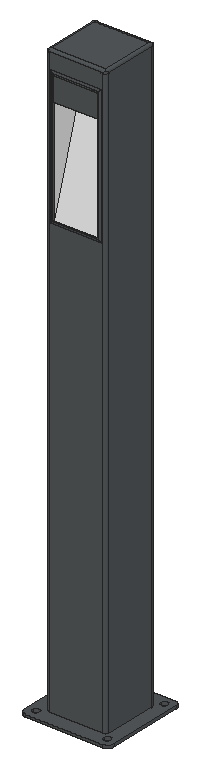
Revit family "svetilnik_alfresco_ar deko_dtu19", category Lighting Fixtures, Revit 2016 (continued)
Definition of nested family "Источник света Ар_Деко"
  Parameters (values of type "4")
       0.2       0.2       0.2       0.2\r\n       0.2       0.2       0.2       0.2       0.2       0.2       0.2       0.3\r\n       0.2       0.2       0.2       0.2       0.2       0.2       0.2       0.2\r\n       0.2       0.2       0.2       0.2       0.2       0.2       0.2       0.2\r\n       0.2       0.2       0.2       0.2       0.2       0.2       0.2       0.2\r\n       0.2       0.2       0.2       0.2       0.2       0.2       0.2       0.2\r\n       0.2       0.2       0.2       0.2       0.2       0.2       0.2       0.2\r\n       0.2       0.2       0.2       0.2       0.2       0.2       0.2       0.2\r\n       0.2       0.2       0.2       0.2       0.2       0.2       0.2       0.2\r\n       0.2       0.2       0.2       0.2       0.2       0.2       0.2       0.2\r\n       0.2       0.2       0.2       0.2       0.2       0.2       0.2       0.2\r\n       0.2       0.2       0.2       0.2       0.2       0.2       0.2       0.2\r\n       0.2       0.2       0.2       0.2       0.2       0.2       0.2       0.2\r\n       0.2       0.2       0.2       0.2       0.2       0.2       0.2       0.2\r\n       0.2       0.2       0.2       0.2       0.2       0.2       0.2       0.2\r\n       0.2       0.2       0.2       0.2       0.2       0.2       0.2       0.2\r\n       0.2       0.2       0.2       0.2       0.2       0.2       0.2       0.2\r\n       0.2       0.2       0.2       0.2       0.2       0.2       0.2       0.2\r\n       0.2       0.2       0.2       0.2       0.2       0.2       0.2       0.2\r\n       0.2       0.2       0.1       0.1       0.1       0.1       0.1       0.1\r\n       0.0       0.0       0.0       0.0       0.0\r\n       0.0       0.0       0.0       0.0       0.0       0.0       0.0       0.1\r\n       0.2       0.2       0.2       0.2       0.2       0.2       0.2       0.2\r\n       0.2       0.2       0.2       0.2       0.2       0.2       0.2       0.2\r\n       0.2       0.2       0.2       0.2       0.2       0.2       0.2       0.2\r\n       0.2       0.2       0.2       0.2       0.2       0.2       0.2       0.2\r\n       0.2       0.2       0.2       0.2       0.2       0.2       0.2       0.2\r\n       0.2       0.2       0.2       0.2       0.2       0.2       0.2       0.2\r\n       0.2       0.2       0.2       0.2       0.2       0.2       0.2       0.2\r\n       0.2       0.2       0.2       0.2       0.2       0.2       0.2       0.2\r\n       0.2       0.2       0.2       0.2       0.2       0.2       0.2       0.2\r\n       0.2       0.2       0.2       0.2       0.2       0.2       0.2       0.2\r\n       0.2       0.2       0.2       0.2       0.2       0.2       0.2       0.2\r\n       0.2       0.2       0.2       0.2       0.2       0.2       0.2       0.2\r\n       0.2       0.2       0.2       0.2       0.2       0.2       0.2       0.2\r\n       0.2       0.2       0.2       0.2       0.2       0.2       0.2       0.2\r\n       0.2       0.2       0.2       0.2       0.2       0.2       0.2       0.2\r\n       0.2       0.2       0.2       0.2       0.2       0.2       0.2       0.2\r\n       0.2       0.2       0.2       0.2       0.2       0.2       0.2       0.2\r\n       0.2       0.2       0.2       0.2       0.2       0.2       0.2       0.2\r\n       0.2       0.2       0.2       0.2       0.2       0.2       0.2       0.2\r\n       0.2       0.2       0.2       0.2       0.2       0.2       0.2       0.2\r\n       0.2       0.2       0.1       0.1       0.1       0.1       0.1       0.0\r\n       0.0       0.0       0.0       0.0       0.0\r\n       0.0       0.0       0.0       0.0       0.0       0.0       0.0       0.0\r\n       0.1       0.2       0.2       0.2       0.2       0.2       0.2       0.2\r\n       0.2       0.2       0.2       0.2       0.2       0.2       0.2       0.2\r\n       0.2       0.2       0.2       0.2       0.2       0.2       0.2       0.2\r\n       0.2       0.2       0.2       0.2       0.2       0.2       0.2       0.2\r\n       0.2       0.2       0.2       0.2       0.2       0.2       0.2       0.2\r\n       0.2       0.2       0.2       0.2       0.2       0.2       0.2       0.2\r\n       0.2       0.2       0.2       0.2       0.2       0.2       0.2       0.2\r\n       0.2       0.2       0.2       0.2       0.2       0.2       0.2       0.2\r\n       0.2       0.2       0.2       0.2       0.2       0.2       0.2       0.2\r\n       0.2       0.2       0.2       0.2       0.2       0.2       0.2       0.2\r\n       0.2       0.2       0.2       0.2       0.2       0.2       0.2       0.2\r\n       0.2       0.2       0.2       0.2       0.2       0.2       0.2       0.2\r\n       0.2       0.2       0.2       0.2       0.2       0.2       0.2       0.2\r\n       0.2       0.2       0.2       0.2       0.2       0.2       0.2       0.2\r\n       0.2       0.2       0.2       0.2       0.2       0.2       0.2       0.2\r\n       0.2       0.2       0.2       0.2       0.2       0.2       0.2       0.2\r\n       0.2       0.2       0.2       0.2       0.2       0.2       0.2       0.2\r\n       0.2       0.2       0.2       0.2       0.2       0.2       0.2       0.2\r\n       0.2       0.2       0.2       0.2       0.2       0.2       0.2       0.2\r\n       0.2       0.2       0.2       0.2       0.2       0.2       0.2       0.2\r\n       0.2       0.2       0.1       0.1       0.1       0.1       0.0       0.0\r\n       0.0       0.0       0.0       0.0       0.0\r\n       0.0       0.0       0.0       0.0       0.0       0.0       0.0       0.0\r\n       0.1       0.1       0.1       0.2       0.2       0.2       0.2       0.2\r\n       0.2       0.2       0.2       0.2       0.2       0.2       0.2       0.2\r\n       0.2       0.2       0.2       0.2       0.2       0.2       0.2       0.2\r\n       0.2       0.2       0.2       0.2       0.2       0.2       0.2       0.2\r\n       0.2       0.2       0.2       0.2       0.2       0.2       0.2       0.2\r\n       0.2       0.2       0.2       0.2       0.2       0.2       0.2       0.2\r\n       0.2       0.2       0.2       0.2       0.2       0.2       0.2       0.2\r\n       0.2       0.2       0.2       0.2       0.2       0.2       0.2       0.2\r\n       0.2       0.2       0.2       0.2       0.2       0.2       0.2       0.2\r\n       0.2       0.2       0.2       0.2       0.2       0.2       0.2       0.2\r\n       0.2       0.2       0.2       0.2       0.2       0.2       0.2       0.2\r\n       0.2       0.2       0.2       0.2       0.2       0.2       0.2       0.2\r\n       0.2       0.2       0.2       0.2       0.2       0.2       0.2       0.2\r\n       0.2       0.2       0.2       0.2       0.2       0.2       0.2       0.2\r\n       0.2       0.2       0.2       0.2       0.2       0.2       0.2       0.2\r\n       0.2       0.2       0.2       0.2       0.2       0.2       0.2       0.2\r\n       0.2       0.2       0.2       0.2       0.2       0.2       0.2       0.2\r\n       0.2       0.2       0.2       0.2       0.2       0.2       0.2       0.2\r\n       0.2       0.2       0.2       0.2       0.2       0.2       0.2       0.2\r\n       0.2       0.2       0.2       0.2       0.2       0.2       0.2       0.2\r\n       0.2       0.2       0.1       0.1       0.1       0.0       0.0       0.0\r\n       0.0       0.0       0.0       0.0       0.0\r\n       0.0       0.0       0.0       0.0       0.0       0.0       0.0       0.0\r\n       0.1       0.1       0.1       0.1       0.2       0.2       0.2       0.2\r\n       0.2       0.2       0.2       0.2       0.2       0.2       0.2       0.2\r\n       0.2       0.2       0.2       0.2       0.2       0.2       0.2       0.2\r\n       0.2       0.2       0.2       0.2       0.2       0.2       0.2       0.2\r\n       0.2       0.2       0.2       0.2       0.2       0.2       0.2       0.2\r\n       0.2       0.2       0.2       0.2       0.2       0.2       0.2       0.2\r\n       0.2       0.2       0.2       0.2       0.2       0.2       0.2       0.2\r\n       0.2       0.2       0.2       0.2       0.2       0.2       0.2       0.2\r\n       0.2       0.2       0.2       0.2       0.2       0.2       0.2       0.2\r\n       0.2       0.2       0.2       0.2       0.2       0.2       0.2       0.2\r\n       0.2       0.2       0.2       0.2       0.2       0.2       0.2       0.2\r\n       0.2       0.2       0.2       0.2       0.2       0.2       0.2       0.2\r\n       0.2       0.2       0.2       0.2       0.2       0.2       0.2       0.2\r\n       0.2       0.2       0.2       0.2       0.2       0.2       0.2       0.2\r\n       0.2       0.2       0.2       0.2       0.2       0.2       0.2       0.2\r\n       0.2       0.2       0.2       0.2       0.2       0.2       0.2       0.2\r\n       0.2       0.2       0.2       0.2       0.2       0.2       0.2       0.2\r\n       0.2       0.2       0.2       0.2       0.2       0.2       0.2       0.2\r\n       0.2       0.2       0.2       0.2       0.2       0.2       0.2       0.2\r\n       0.2       0.2       0.2       0.2       0.2       0.2       0.2       0.2\r\n       0.2       0.2       0.1       0.1       0.1       0.0       0.0       0.0\r\n       0.0       0.0       0.0       0.0       0.0\r\n       0.0       0.0       0.0       0.0       0.0       0.0       0.0       0.0\r\n       0.1       0.1       0.1       0.1       0.1       0.2       0.2       0.2\r\n       0.2       0.2       0.2       0.2       0.2       0.2       0.2       0.2\r\n       0.2       0.2       0.2       0.2       0.2       0.2       0.2       0.2\r\n       0.2       0.2       0.2       0.2       0.2       0.2       0.2       0.2\r\n       0.2       0.2       0.2       0.2       0.2       0.2       0.2       0.2\r\n       0.2       0.2       0.2       0.2       0.2       0.2       0.2       0.2\r\n       0.2       0.2       0.2       0.2       0.2       0.2       0.2       0.2\r\n       0.2       0.2       0.2       0.2       0.2       0.2       0.2       0.2\r\n       0.2       0.2       0.2       0.2       0.2       0.2       0.2       0.2\r\n       0.2       0.2       0.2       0.2       0.2       0.2       0.2       0.2\r\n       0.2       0.2       0.2       0.2       0.2       0.2       0.2       0.2\r\n       0.2       0.2       0.2       0.2       0.2       0.2       0.2       0.2\r\n       0.2       0.2       0.2       0.2       0.2       0.2       0.2       0.2\r\n       0.2       0.2       0.2       0.2       0.2       0.2       0.2       0.2\r\n       0.2       0.2       0.2       0.2       0.3       0.5       0.2       0.2\r\n       0.2       0.2       0.2       0.2       0.2       0.2       0.2       0.2\r\n       0.2       0.2       0.2       0.2       0.2       0.2       0.2       0.2\r\n       0.2       0.2       0.2       0.2       0.2       0.2       0.2       0.2\r\n       0.2       0.2       0.2       0.2       0.2       0.2       0.2       0.2\r\n       0.2       0.2       0.2       0.2       0.2       0.2       0.2       0.2\r\n       0.2       0.2       0.1       0.1       0.1       0.0       0.0       0.0\r\n       0.0       0.0       0.0       0.0       0.0\r\n       0.0       0.0       0.0       0.0       0.0       0.0       0.0       0.0\r\n       0.1       0.1       0.1       0.1       0.1       0.1       0.2       0.2\r\n       0.1       0.2       0.2       0.1       0.1       0.1       0.2       0.2\r\n       0.2       0.2       0.2       0.2       0.2       0.2       0.2       0.2\r\n       0.2       0.2       0.2       0.2       0.2       0.2       0.2       0.2\r\n       0.2       0.2       0.2       0.2       0.2       0.2       0.2       0.2\r\n       0.2       0.2       0.2       0.2       0.2       0.2       0.2       0.2\r\n       0.2       0.2       0.2       0.2       0.2       0.2       0.2       0.2\r\n       0.2       0.2       0.2       0.2       0.2       0.2       0.2       0.2\r\n       0.2       0.2       0.2       0.2       0.2       0.2       0.2       0.2\r\n       0.2       0.2       0.2       0.2       0.2       0.2       0.2       0.2\r\n       0.2       0.2       0.2       0.2       0.2       0.2       0.2       0.2\r\n       0.2       0.2       0.2       0.2       0.2       0.2       0.2       0.2\r\n       0.2       0.2       0.2       0.2       0.2       0.2       0.2       0.2\r\n       0.2       0.2       0.2       0.2       0.2       0.2       0.2       0.2\r\n       0.2       0.2       0.2       0.2       0.3       0.2       0.2       0.2\r\n       0.2       0.2       0.2       0.2       0.2       0.2       0.2       0.2\r\n       0.2       0.2       0.2       0.2       0.2       0.2       0.2       0.2\r\n       0.2       0.2       0.2       0.2       0.2       0.2       0.2       0.2\r\n       0.2       0.2       0.2       0.2       0.2       0.2       0.2       0.2\r\n       0.2       0.2       0.2       0.2       0.2       0.2       0.2       0.2\r\n       0.2       0.1       0.1       0.1       0.0       0.0       0.0       0.0\r\n       0.0       0.0       0.0       0.0       0.0\r\n       0.0       0.0       0.0       0.0       0.0       0.0       0.0       0.0\r\n       0.1       0.1       0.1       0.1       0.1       0.1       0.1       0.1\r\n       0.1       0.1       0.1       0.2       0.1       0.1       0.2       0.1\r\n       0.2       0.2       0.2       0.2       0.2       0.2       0.2       0.2\r\n       0.2       0.2       0.2       0.2       0.2       0.2       0.2       0.2\r\n       0.2       0.2       0.2       0.2       0.2       0.2       0.2       0.2\r\n       0.2       0.2       0.2       0.2       0.2       0.2       0.2       0.2\r\n       0.2       0.2       0.2       0.2       0.2       0.2       0.2       0.2\r\n       0.2       0.2       0.2       0.2       0.2       0.2       0.2       0.2\r\n       0.2       0.2       0.2       0.2       0.2       0.2       0.2       0.2\r\n       0.2       0.2       0.2       0.2       0.2       0.2       0.2       0.2\r\n       0.2       0.2       0.2       0.2       0.2       0.2       0.2       0.2\r\n       0.2       0.2       0.2       0.2       0.2       0.2       0.2       0.2\r\n       0.2       0.2       0.2       0.2       0.2       0.2       0.2       0.2\r\n       0.2       0.2       0.2       0.2       0.2       0.2       0.2       0.2\r\n       0.2       0.2       0.2       0.2       0.2       0.2       0.2       0.2\r\n       0.2       0.2       0.2       0.2       0.2       0.2       0.2       0.2\r\n       0.2       0.2       0.2       0.2       0.2       0.2       0.2       0.2\r\n       0.2       0.2       0.2       0.2       0.2       0.2       0.2       0.2\r\n       0.2       0.2       0.2       0.2       0.2       0.2       0.2       0.2\r\n       0.2       0.2       0.2       0.2       0.2       0.2       0.1       0.1\r\n       0.1       0.1       0.1       0.1       0.0       0.0       0.0       0.0\r\n       0.0       0.0       0.0       0.0       0.0\r\n       0.0       0.0       0.0       0.0       0.0       0.0       0.0       0.0\r\n       0.1       0.1       0.1       0.1       0.1       0.1       0.1       0.1\r\n       0.1       0.1       0.1       0.1       0.1       0.1       0.2       0.2\r\n       0.1       0.2       0.2       0.2       0.2       0.2       0.2       0.2\r\n       0.2       0.2       0.2       0.2       0.2       0.2       0.2       0.2\r\n       0.2       0.2       0.2       0.2       0.2       0.2       0.2       0.2\r\n       0.2       0.2       0.2       0.2       0.2       0.2       0.2       0.2\r\n       0.2       0.2       0.2       0.2       0.2       0.2       0.2       0.2\r\n       0.2       0.2       0.2       0.2       0.2       0.2       0.2       0.2\r\n       0.2       0.2       0.2       0.2       0.2       0.2       0.2       0.2\r\n       0.2       0.2       0.2       0.2       0.2       0.2       0.2       0.2\r\n       0.2       0.2       0.2       0.2       0.2       0.2       0.2       0.2\r\n       0.2       0.2       0.2       0.2       0.2       0.2       0.2       0.2\r\n       0.2       0.2       0.2       0.2       0.2       0.2       0.2       0.2\r\n       0.2       0.2       0.2       0.2       0.2       0.2       0.2       0.2\r\n       0.2       0.2       0.2       0.2       0.2       0.2       0.2       0.2\r\n       0.2       0.2       0.2       0.2       0.2
             0.2       0.2       0.2\r\n       0.2       0.2       0.2       0.2       0.2       0.2       0.2       0.2\r\n       0.2       0.2       0.2       0.2       0.2       0.2       0.2       0.2\r\n       0.2       0.2       0.2       0.2       0.2       0.2       0.2       0.2\r\n       0.2       0.2       0.2       0.1       0.1       0.1       0.1       0.1\r\n       0.1       0.1       0.1       0.1       0.0       0.0       0.0       0.0\r\n       0.0       0.0       0.0       0.0       0.0\r\n       0.0       0.0       0.0       0.0       0.0       0.0       0.0       0.0\r\n       0.1       0.1       0.1       0.1       0.1       0.1       0.1       0.1\r\n       0.1       0.1       0.1       0.1       0.1       0.1       0.1       0.1\r\n       0.1       0.2       0.2       0.2       0.2       0.2       0.2       0.2\r\n       0.1       0.2       0.2       0.2       0.2       0.1       0.2       0.1\r\n       0.2       0.2       0.2       0.2       0.2       0.2       0.2       0.2\r\n       0.2       0.2       0.2       0.2       0.2       0.2       0.2       0.2\r\n       0.2       0.2       0.2       0.2       0.2       0.2       0.2       0.2\r\n       0.2       0.2       0.2       0.2       0.2       0.2       0.2       0.2\r\n       0.2       0.2       0.2       0.2       0.2       0.2       0.2       0.2\r\n       0.2       0.2       0.2       0.2       0.2       0.2       0.2       0.2\r\n       0.2       0.2       0.2       0.2       0.2       0.2       0.2       0.2\r\n       0.2       0.2       0.2       0.2       0.2       0.2       0.2       0.2\r\n       0.2       0.2       0.2       0.2       0.2       0.2       0.2       0.2\r\n       0.2       0.2       0.2       0.2       0.2       0.2       0.2       0.2\r\n       0.2       0.2       0.2       0.2       0.2       0.2       0.2       0.2\r\n       0.2       0.2       0.2       0.2       0.2       0.2       0.2       0.1\r\n       0.2       0.2       0.2       0.1       0.2       0.2       0.2       0.2\r\n       0.2       0.2       0.2       0.2       0.2       0.2       0.2       0.2\r\n       0.2       0.2       0.2       0.2       0.2       0.2       0.2       0.1\r\n       0.1       0.1       0.1       0.1       0.1       0.1       0.1       0.1\r\n       0.1       0.1       0.1       0.0       0.0       0.0       0.0       0.0\r\n       0.0       0.0       0.0       0.0       0.0\r\n       0.0       0.0       0.0       0.0       0.0       0.0       0.0       0.0\r\n       0.1       0.1       0.1       0.1       0.1       0.1       0.1       0.1\r\n       0.1       0.1       0.1       0.1       0.1       0.1       0.1       0.1\r\n       0.1       0.1       0.1       0.1       0.1       0.1       0.1       0.1\r\n       0.1       0.1       0.2       0.1       0.2       0.2       0.2       0.1\r\n       0.2       0.2       0.2       0.2       0.2       0.2       0.2       0.2\r\n       0.2       0.2       0.2       0.2       0.2       0.2       0.2       0.2\r\n       0.2       0.2       0.2       0.2       0.2       0.2       0.2       0.2\r\n       0.2       0.2       0.2       0.2       0.2       0.2       0.2       0.2\r\n       0.2       0.2       0.2       0.2       0.2       0.2       0.2       0.2\r\n       0.2       0.2       0.2       0.2       0.2       0.2       0.2       0.2\r\n       0.2       0.2       0.2       0.2       0.2       0.2       0.2       0.2\r\n       0.2       0.2       0.2       0.2       0.2       0.2       0.2       0.2\r\n       0.2       0.2       0.2       0.2       0.2       0.2       0.2       0.2\r\n       0.2       0.2       0.2       0.2       0.2       0.2       0.2       0.2\r\n       0.2       0.2       0.2       0.2       0.2       0.2       0.2       0.2\r\n       0.2       0.2       0.2       0.2       0.2       0.2       0.2       0.2\r\n       0.2       0.2       0.2       0.2       0.2       0.2       0.2       0.2\r\n       0.2       0.2       0.2       0.1       0.1       0.1       0.1       0.1\r\n       0.1       0.1       0.1       0.1       0.1       0.1       0.1       0.1\r\n       0.1       0.1       0.1       0.1       0.1       0.1       0.1       0.1\r\n       0.1       0.1       0.0       0.0       0.0       0.0       0.0       0.0\r\n       0.0       0.0       0.0       0.0       0.0\r\n       0.0       0.0       0.0       0.0       0.0       0.0       0.0       0.0\r\n       0.1       0.1       0.1       0.1       0.1       0.1       0.1       0.1\r\n       0.1       0.1       0.1       0.1       0.1       0.1       0.1       0.1\r\n       0.1       0.1       0.1       0.1       0.1       0.1       0.1       0.1\r\n       0.1       0.1       0.1       0.1       0.1       0.1       0.1       0.1\r\n       0.1       0.1       0.1       0.1       0.1       0.1       0.1       0.1\r\n       0.1       0.1       0.1       0.1       0.1       0.1       0.1       0.1\r\n       0.1       0.1       0.1       0.2       0.1       0.1       0.1       0.2\r\n       0.2       0.2       0.2       0.2       0.2       0.2       0.2       0.2\r\n       0.2       0.2       0.1       0.2       0.2       0.1       0.2       0.2\r\n       0.1       0.2       0.2       0.2       0.2       0.2       0.2       0.2\r\n       0.2       0.2       0.2       0.2       0.2       0.2       0.2       0.2\r\n       0.2       0.2       0.2       0.2       0.2       0.2       0.2       0.2\r\n       0.1       0.2       0.2       0.2       0.2       0.2       0.2       0.1\r\n       0.2       0.2       0.2       0.1       0.2       0.2       0.1       0.1\r\n       0.1       0.1       0.2       0.1       0.1       0.2       0.2       0.1\r\n       0.1       0.1       0.1       0.1       0.1       0.1       0.1       0.1\r\n       0.1       0.1       0.1       0.1       0.1       0.1       0.1       0.1\r\n       0.1       0.1       0.1       0.1       0.1       0.1       0.1       0.1\r\n       0.1       0.1       0.1       0.1       0.1       0.1       0.1       0.1\r\n       0.1       0.1       0.1       0.1       0.1       0.1       0.1       0.1\r\n       0.1       0.1       0.0       0.0       0.0       0.0       0.0       0.0\r\n       0.0       0.0       0.0       0.0       0.0\r\n       0.0       0.0       0.0       0.0       0.0       0.0       0.0       0.0\r\n       0.1       0.1       0.1       0.1       0.1       0.1       0.1       0.1\r\n       0.1       0.1       0.1       0.1       0.1       0.1       0.1       0.1\r\n       0.1       0.1       0.1       0.1       0.1       0.1       0.1       0.1\r\n       0.1       0.1       0.1       0.1       0.1       0.1       0.1       0.1\r\n       0.1       0.1       0.1       0.1       0.1       0.1       0.1       0.1\r\n       0.1       0.1       0.1       0.1       0.1       0.1       0.1       0.1\r\n       0.1       0.1       0.1       0.1       0.1       0.1       0.1       0.1\r\n       0.1       0.1       0.1       0.1       0.1       0.1       0.1       0.1\r\n       0.1       0.1       0.1       0.1       0.1       0.1       0.1       0.1\r\n       0.1       0.1       0.1       0.1       0.1       0.1       0.1       0.1\r\n       0.1       0.1       0.1       0.1       0.1       0.1       0.1       0.1\r\n       0.1       0.1       0.1       0.1       0.1       0.1       0.1       0.1\r\n       0.1       0.1       0.1       0.1       0.1       0.1       0.1       0.1\r\n       0.1       0.1       0.1       0.1       0.1       0.1       0.1       0.1\r\n       0.1       0.1       0.1       0.1       0.1       0.1       0.1       0.1\r\n       0.1       0.1       0.1       0.1       0.1       0.1       0.1       0.1\r\n       0.1       0.1       0.1       0.1       0.1       0.1       0.1       0.1\r\n       0.1       0.1       0.1       0.1       0.1       0.1       0.1       0.1\r\n       0.1       0.1       0.1       0.1       0.1       0.1       0.1       0.1\r\n       0.1       0.1       0.1       0.1       0.1       0.1       0.1       0.1\r\n       0.1       0.1       0.0       0.0       0.0       0.0       0.0       0.0\r\n       0.0       0.0       0.0       0.0       0.0\r\n       0.0       0.0       0.0       0.0       0.0       0.0       0.0       0.0\r\n       0.1       0.1       0.1       0.1       0.1       0.1       0.1       0.1\r\n       0.1       0.1       0.1       0.1       0.1       0.1       0.1       0.1\r\n       0.1       0.1       0.1       0.1       0.1       0.1       0.1       0.1\r\n       0.1       0.1       0.1       0.1       0.1       0.1       0.1       0.1\r\n       0.1       0.1       0.1       0.1       0.1       0.1       0.1       0.1\r\n       0.1       0.1       0.1       0.1       0.1       0.1       0.1       0.1\r\n       0.1       0.1       0.1       0.1       0.1       0.1       0.1       0.1\r\n       0.1       0.1       0.1       0.1       0.1       0.1       0.1       0.1\r\n       0.1       0.1       0.1       0.1       0.1       0.1       0.1       0.1\r\n       0.1       0.1       0.1       0.1       0.1       0.1       0.1       0.1\r\n       0.1       0.1       0.1       0.1       0.1       0.1       0.1       0.1\r\n       0.1       0.1       0.1       0.1       0.1       0.1       0.1       0.1\r\n       0.1       0.1       0.1       0.1       0.1       0.1       0.1       0.1\r\n       0.1       0.1       0.1       0.1       0.1       0.1       0.1       0.1\r\n       0.1       0.1       0.1       0.1       0.1       0.1       0.1       0.1\r\n       0.1       0.1       0.1       0.1       0.1       0.1       0.1       0.1\r\n       0.1       0.1       0.1       0.1       0.1       0.1       0.1       0.1\r\n       0.1       0.1       0.1       0.1       0.1       0.1       0.1       0.1\r\n       0.1       0.1       0.1       0.1       0.1       0.1       0.1       0.1\r\n       0.1       0.1       0.1       0.1       0.1       0.1       0.1       0.1\r\n       0.1       0.1       0.0       0.0       0.0       0.0       0.0       0.0\r\n       0.0       0.0       0.0       0.0       0.0\r\n       0.0       0.0       0.0       0.0       0.0       0.0       0.0       0.0\r\n       0.1       0.1       0.1       0.1       0.1       0.1       0.1       0.1\r\n       0.1       0.1       0.1       0.1       0.1       0.1       0.1       0.1\r\n       0.1       0.1       0.1       0.1       0.1       0.1       0.1       0.1\r\n       0.1       0.1       0.1       0.1       0.1       0.1       0.1       0.1\r\n       0.1       0.1       0.1       0.1       0.1       0.1       0.1       0.1\r\n       0.1       0.1       0.1       0.1       0.1       0.1       0.2       0.2\r\n       0.2       0.1       0.1       0.2       0.2       0.2       0.1       0.2\r\n       0.1       0.2       0.2       0.2       0.2       0.2       0.2       0.2\r\n       0.2       0.2       0.2       0.2       0.2       0.2       0.2       0.2\r\n       0.2       0.2       0.2       0.2       0.2       0.2       0.2       0.2\r\n       0.2       0.2       0.2       0.2       0.2       0.2       0.2       0.2\r\n       0.2       0.2       0.2       0.2       0.2       0.2       0.2       0.2\r\n       0.2       0.2       0.2       0.2       0.2       0.2       0.2       0.2\r\n       0.2       0.2       0.2       0.2       0.2       0.2       0.1       0.1\r\n       0.1       0.2       0.1       0.1       0.1       0.1       0.1       0.1\r\n       0.1       0.1       0.1       0.1       0.1       0.1       0.1       0.1\r\n       0.1       0.1       0.1       0.1       0.1       0.1       0.1       0.1\r\n       0.1       0.1       0.1       0.1       0.1       0.1       0.1       0.1\r\n       0.1       0.1       0.1       0.1       0.1       0.1       0.1       0.1\r\n       0.1       0.1       0.1       0.1       0.1       0.1       0.1       0.1\r\n       0.1       0.1       0.0       0.0       0.0       0.0       0.0       0.0\r\n       0.0       0.0       0.0       0.0       0.0\r\n       0.0       0.0       0.0       0.0       0.0       0.0       0.0       0.0\r\n       0.1       0.1       0.1       0.1       0.1       0.1       0.1       0.1\r\n       0.1       0.1       0.1       0.1       0.1       0.1       0.1       0.1\r\n       0.1       0.1       0.1       0.1       0.1       0.1       0.2       0.2\r\n       0.2       0.2       0.2       0.2       0.2       0.2       0.2       0.2\r\n       0.2       0.2       0.2       0.2       0.2       0.2       0.2       0.2\r\n       0.2       0.2       0.2       0.2       0.2       0.2       0.2       0.2\r\n       0.2       0.2       0.2       0.2       0.2       0.2       0.2       0.2\r\n       0.2       0.2       0.2       0.2       0.2       0.2       0.2       0.2\r\n       0.2       0.2       0.2       0.2       0.2       0.2       0.2       0.2\r\n       0.2       0.2       0.2       0.2       0.2       0.2       0.2       0.2\r\n       0.2       0.2       0.2       0.2       0.2       0.2       0.2       0.2\r\n       0.2       0.2       0.2       0.2       0.2       0.2       0.2       0.2\r\n       0.2       0.2       0.2       0.2       0.2       0.2       0.2       0.2\r\n       0.2       0.2       0.2       0.2       0.2       0.2       0.2       0.2\r\n       0.2       0.2       0.2       0.2       0.2       0.2       0.2       0.2\r\n       0.2       0.2       0.2       0.2       0.2       0.2       0.2       0.2\r\n       0.2       0.2       0.2       0.2       0.2       0.2       0.2       0.2\r\n       0.2       0.2       0.2       0.2       0.2       0.1       0.1       0.1\r\n       0.1       0.1       0.1       0.1       0.1       0.1       0.1       0.1\r\n       0.1       0.1       0.1       0.1       0.1       0.1       0.1       0.1\r\n       0.1       0.1       0.0       0.0       0.0       0.0       0.0       0.0\r\n       0.0       0.0       0.0       0.0       0.0\r\n       0.0       0.0       0.0       0.0       0.0       0.0       0.0       0.0\r\n       0.1       0.1       0.1       0.1       0.1       0.1       0.1       0.1\r\n       0.1       0.1       0.1       0.1       0.1       0.1       0.2       0.2\r\n       0.2       0.2       0.2       0.2       0.2       0.2       0.2       0.2\r\n       0.2       0.2       0.2       0.2       0.2       0.2       0.2       0.2\r\n       0.2       0.2       0.2       0.2       0.2       0.2       0.2       0.2\r\n       0.2       0.2       0.2       0.2       0.2       0.2       0.2       0.2\r\n       0.2       0.2       0.2       0.2       0.2       0.2       0.2       0.2\r\n       0.2       0.2       0.2       0.2       0.2       0.2       0.2       0.2\r\n       0.2       0.2       0.2       0.2       0.2       0.2       0.2       0.2\r\n       0.2       0.2       0.2       0.2       0.2       0.2       0.2       0.2\r\n       0.2       0.2       0.2       0.2       0.2       0.2       0.2       0.2\r\n       0.2       0.2       0.2       0.2       0.2       0.2       0.2       0.2\r\n       0.2       0.2       0.2       0.2       0.2       0.2       0.2       0.2\r\n       0.2       0.2       0.2       0.2       0.2       0.2       0.2       0.2\r\n       0.2       0.2       0.2       0.2       0.2       0.2       0.2       0.2\r\n       0.2       0.2       0.2       0.2       0.2       0.2       0.2       0.2\r\n       0.2       0.2       0.2       0.2       0.2       0.2       0.2       0.2\r\n       0.2       0.2       0.2       0.2       0.2       0.2       0.2       0.2\r\n       0.2       0.2       0.1       0.2       0.2       0.1       0.1       0.1\r\n       0.1       0.1       0.1       0.1       0.1       0.1       0.1       0.1\r\n       0.1       0.1       0.1       0.0       0.0       0.0       0.0       0.0\r\n       0.0       0.0       0.0       0.0       0.0\r\n       0.0       0.0       0.0       0.0       0.0       0.0       0.0       0.0\r\n       0.1       0.1       0.1       0.1       0.1       0.1       0.1       0.1\r\n       0.1       0.2       0.2       0.2       0.2       0.2       0.2       0.2\r\n       0.2       0.2       0.2       0.2       0.2       0.2       0.2       0.2\r\n       0.2       0.2       0.2       0.2       0.2       0.2       0.2       0.2\r\n       0.2       0.2       0.2       0.2       0.2       0.2       0.2       0.2\r\n       0.2       0.2       0.2       0.2       0.2       0.2       0.2       0.2\r\n       0.2       0.2       0.2       0.2       0.2       0.2       0.2       0.2\r\n  
